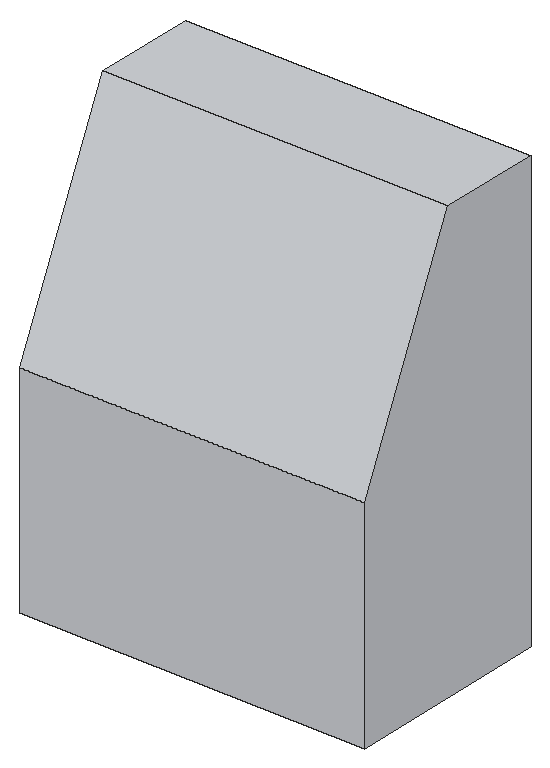
Revit family "01851-W", category Instalační zařizovací předměty, Revit 2016
Family settings
  Typ součásti = Normální
  Kóta kulaté spojky = Použít průměr
  Číslo OmniClass = 23.45.05.00
  Nadpis OmniClass = Sanitary Equipment
  Založené na pracovní rovině = Ne
  Vždy vertikální = Ano
  Ořezat dutým tvarem při načtení = Ne
  Sdílené = Ne
  Bod výpočtu místnosti = Ne
Parameters
  Warranty = "2"
  WIDTH = 253 mm
  WEIGHT = 4.90 kg
  Výrobce = "Nofer"
  Utility frequency = 0
  Surface finish = "White"
  Připojení ventilace = no
  Připojení odpadu = no
  Připojení HW = no
  Připojení CW = no
  Product URL link = "http://www.nofer.co.uk/en/collectives/handryers/fuga/01851-W"
  Power supply = 0 V
  Power input = 800 W
  Noise level = 72
  MATERIAL = none
  IP code = "IPX1"
  HEIGHT = 323 mm
  Electric class = "I"
  DEPTH = 152 mm
  Article number = "01851.W"
  Air temperature [°C] = 40 °C
  Air speed = 305.00 kg/m²
Reference planes
  plane 1 "Střed (vpředu/vzadu)": y = 0
  plane 2: z = 0
  plane 3 "Střed (vlevo/vpravo)": x = 0
  plane 4: z = 0
  plane 5: z = 323
  plane 6: y = -152
  plane 7: x = 126.5
  plane 8: x = -126.5
  plane 9: z = 161.5
  plane 10: y = -76
Forms (mm)
  Extrusion 1, solid, material <- "MATERIAL", detail levels medium+fine
    sketch origin (0, 0, 0) x (0, 1, 0) y (0, 0, 1)
      loop
        line (0, 323) -> (-76, 323) -> (-152, 161.5) -> (-152, 0) -> (0, 0) -> (0, 323)
    from -126.5 to 126.5
  Extrusion 2, solid, material <- "MATERIAL", detail levels coarse
    sketch origin (0, 0, 0) x (0, 1, 0) y (0, 0, 1)
      loop
        line (0, 323) -> (-152, 323) -> (-152, 0) -> (0, 0) -> (0, 323)
    from -126.5 to 126.5
Dimensions and locks
  equal spacing: plane 8, plane 3 "Střed (vlevo/vpravo)", plane 7
  "WIDTH": plane 8 to plane 7
  "DEPTH": plane 6 to plane 1 "Střed (vpředu/vzadu)"
  equal spacing: plane 5, plane 9, plane 4
  equal spacing: plane 1 "Střed (vpředu/vzadu)", plane 10, plane 6
  "DEPTH": plane 1 "Střed (vpředu/vzadu)" to plane 6
  "HEIGHT": plane 5 to level
  aligned and locked: level to plane 2
  aligned and locked: plane 5 to Extrusion 1 sketch curve
  aligned and locked: Extrusion 1 sketch curve to plane 1 "Střed (vpředu/vzadu)"
  aligned and locked: Extrusion 1 sketch curve to plane 4
  aligned and locked: Extrusion 1 sketch curve to plane 6
  aligned and locked: plane 10 to Extrusion 1 sketch curve
  aligned and locked: plane 9 to Extrusion 1 sketch curve
  aligned and locked: Extrusion 1 to plane 8
  aligned and locked: plane 7 to Extrusion 1
  aligned and locked: Extrusion 2 to plane 8
  aligned and locked: plane 7 to Extrusion 2
  aligned and locked: Extrusion 2 to level
Automatic sketch dimensions
  Extrusion 2 sketch curve to plane 5 = 0 mm
  Extrusion 2 sketch curve to plane 6 = 0 mm
  Extrusion 2 sketch curve to plane 1 "Střed (vpředu/vzadu)" = 0 mm
  level to Extrusion 2 sketch curve = 0 mm
